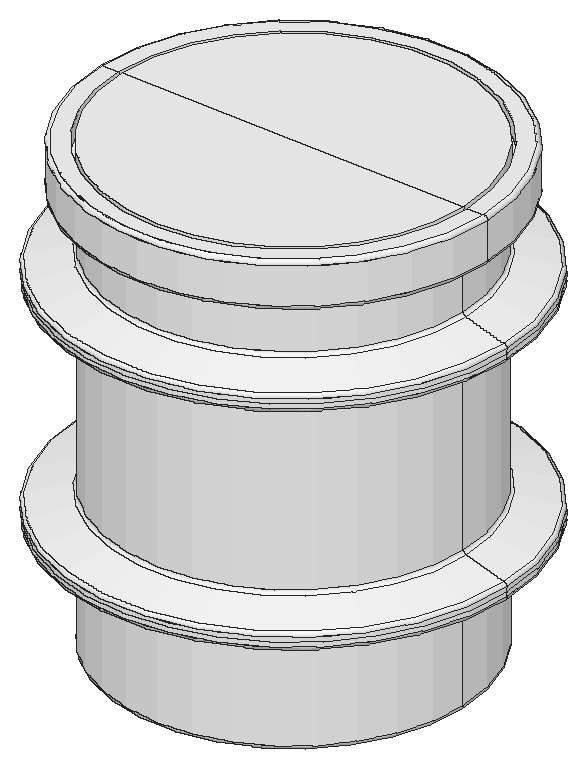
Revit family "Plumbing Fixture-FloorDrain_Mifab_C1300-MF", category Plumbing Fixtures, host Face, Revit 2013
Parameters
  WFU = 0
  URL = "WWW.MIFAB.COM"
  Strainer Radius = Stainer Diameter / 2  # 5.000"
  Stainer Diameter = 10.000"
  Pipe Radius = Pipe Diameter / 2  # 4.375"
  Pipe Diameter = 8.750"
  Model = "C1300-MF"
  Manufacturer = "MIFAB"
  Floor Drain Material = Paint - Sherwin Williams Paint - #952C2A - Bellwood Red
  Description = "HEAVY DUTY ACCESS HOUSING WITH ANCHOR FLANGES"
  Default Elevation = 0.000"
  Body Height = 11.625"
Reference planes (in)
  plane 1 "Center (Front/Back)": y = 0
  plane 2: z = 0
  plane 3 "Center (Left/Right)": x = 0
  plane 4: x = -5
  plane 5: x = 5
  plane 6: z = -11.625
  plane 7: x = -4.375
  plane 8: x = 4.375
  plane 9: x = -2.31968
  plane 10: x = 2.31968
Forms (in)
  Revolve 1, solid, material "Paint - Sherwin Williams Paint - #952C2A - Bellwood Red" <- "Floor Drain Material"
    sketch origin (0, 0, 0) x (1, 0, 0) y (0, 0, 1)
      loop
        arc (4.275, -11.625) -> (4.34571, -11.59571) -> (4.375, -11.525) r 0.1
        line (4.375, -11.525) -> (4.375, -9.07601)
        arc (4.375, -9.07601) -> (4.39539, -9.0155) -> (4.44824, -8.97966) r 0.1
        line (4.44824, -8.97966) -> (5.42676, -8.70784)
        arc (5.42676, -8.70784) -> (5.47961, -8.672) -> (5.5, -8.61149) r 0.1
        line (5.5, -8.61149) -> (5.5, -8.5) -> (5.5, -8.38851)
        arc (5.5, -8.38851) -> (5.47961, -8.328) -> (5.42676, -8.29216) r 0.1
        line (5.42676, -8.29216) -> (4.44824, -8.02034)
        arc (4.44824, -8.02034) -> (4.39539, -7.9845) -> (4.375, -7.92399) r 0.1
        line (4.375, -7.92399) -> (4.375, -3.57601)
        arc (4.375, -3.57601) -> (4.39539, -3.5155) -> (4.44824, -3.47966) r 0.1
        line (4.44824, -3.47966) -> (5.42676, -3.20784)
        arc (5.42676, -3.20784) -> (5.47961, -3.172) -> (5.5, -3.11149) r 0.1
        line (5.5, -3.11149) -> (5.5, -3) -> (5.5, -2.88851)
        arc (5.5, -2.88851) -> (5.47961, -2.828) -> (5.42676, -2.79216) r 0.1
        line (5.42676, -2.79216) -> (4.44824, -2.52034)
        arc (4.44824, -2.52034) -> (4.39539, -2.4845) -> (4.375, -2.42399) r 0.1
        line (4.375, -2.42399) -> (4.375, -1.225)
        arc (4.375, -1.225) -> (4.40429, -1.15429) -> (4.475, -1.125) r 0.1
        line (4.475, -1.125) -> (4.9, -1.125)
        arc (4.9, -1.125) -> (4.97071, -1.09571) -> (5, -1.025) r 0.1
        line (5, -1.025) -> (5, -0.1)
        arc (5, -0.1) -> (4.97071, -0.02929) -> (4.9, 0) r 0.1
        line (4.9, 0) -> (4.5, 0) -> (4.5, -0.425) -> (4, -0.425) -> (4, -11.625) -> (4.275, -11.625)
      axis (0, 0) -> (0, -11.625)
    angle from 0 to 360
  Revolve 2, solid, material "Paint - Sherwin Williams Paint - #952C2A - Bellwood Red" <- "Floor Drain Material"
    sketch origin (0, 0, 0) x (1, 0, 0) y (0, 0, 1)
      loop
        line (0, 0) -> (0, -0.425) -> (4.4, -0.425) -> (4.4, 0) -> (0, 0)
      axis (0, 0) -> (0, -0.425)
    angle from 0 to 360
Lines and regions (in)
  symbolic lines
    curve 1: circle (0, 0, 0) r 5 normal (0, 0, 1)
  symbolic lines, style "PlumbingFixtures"
    curve 2: circle (0, 0, 0) r 1.00382 normal (0, 0, 1)
Dimensions and locks (in)
  equal spacing: plane 5, plane 3 "Center (Left/Right)", plane 4
  "Stainer Diameter": plane 5 to plane 4
  equal spacing: plane 8, plane 3 "Center (Left/Right)", plane 7
  "Pipe Diameter": plane 8 to plane 7
  "Body Height": host face to plane 6
  locked: Revolve 2 sketch curve to Revolve 1 at 0.1
  "Strainer Radius": radius of curve 1
  aligned and locked: plane 2 to host face
  aligned and locked: level to host face
  aligned and locked: plane 1 "Center (Front/Back)" to curve 1
  aligned and locked: plane 3 "Center (Left/Right)" to curve 1
  aligned and locked: Revolve 1 sketch curve to plane 3 "Center (Left/Right)"
  aligned and locked: plane 8 to Revolve 1 sketch curve  (x3)
  aligned and locked: Revolve 2 sketch curve to host face
  aligned and locked: plane 3 "Center (Left/Right)" to Revolve 2 sketch curve
  aligned and locked: Revolve 1 to Revolve 2 sketch curve
Automatic sketch dimensions
  host sketch curve to host sketch curve = 96.000"  (x2)
  Revolve 1 sketch curve to plane 6 = 0.000"  (x2)
  Revolve 1 sketch curve to level = 0.000"
  plane 8 to Revolve 1 sketch curve = 0.375"
  plane 6 to Revolve 1 sketch curve = 0.100"
  Revolve 1 sketch curve to plane 8 = 0.07324"  (x4)
  Revolve 1 sketch curve to plane 8 = 0.100"  (x5)
  Revolve 1 sketch curve to plane 8 = 0.125"
  plane 5 to Revolve 1 sketch curve = 0.100"
  Revolve 1 sketch curve to plane 5 = 0.42676"  (x2)
  Revolve 1 sketch curve to Revolve 1 sketch curve = 0.000"  (x2)
  Revolve 1 sketch curve to Revolve 1 sketch curve = 0.07324"  (x2)
  Revolve 1 sketch curve to Revolve 1 sketch curve = 0.100"  (x2)
  Revolve 1 sketch curve to Revolve 1 sketch curve = 0.02676"  (x3)
  Revolve 1 sketch curve to Revolve 1 sketch curve = 2.44899"
  Revolve 1 sketch curve to Revolve 1 sketch curve = 0.27181"  (x2)
  Revolve 1 sketch curve to Revolve 1 sketch curve = 0.11149"  (x4)
  Revolve 1 sketch curve to Revolve 1 sketch curve = 0.95931"  (x2)
  Revolve 1 sketch curve to Revolve 1 sketch curve = 3.47601"
  Revolve 1 sketch curve to Revolve 1 sketch curve = 1.19899"
  Revolve 1 sketch curve to level = 0.425"
  Revolve 1 sketch curve to Revolve 1 sketch curve = 2.28839"
  plane 5 to Revolve 1 sketch curve = 0.000"
  Revolve 2 sketch curve to plane 3 "Center (Left/Right)" = 0.000"
  Revolve 2 sketch curve to Revolve 2 sketch curve = 0.4077"
  Revolve 2 sketch curve to Revolve 2 sketch curve = 0.1943"
  curve 1 to curve 2 = 0.000"  (x2)
  plane 1 "Center (Front/Back)" to curve 2 = 0.000"
  curve 2 to plane 3 "Center (Left/Right)" = 0.000"
  radius of curve 2 = 1.00382"
Connectors (in)
  piping at (0, 0, -11.625), driven by "Pipe Radius"
    settings: on Revolve 1, index 1, connector radius 4 3/8", flow factor 0, pipe flow 0 GPM, pressure drop 0.00 psi, fitting loss kfactor 0, connector angle 0.00°, fixture units 0, engagement length 0.000", flow configuration 0, flow direction 0, fitting loss method 0, system type 7, joint type 0, gender type 0, connector reference index -1, connector utility 0, adjustable connector no, is connector primary yes, fitting loss table "", connector description ""
